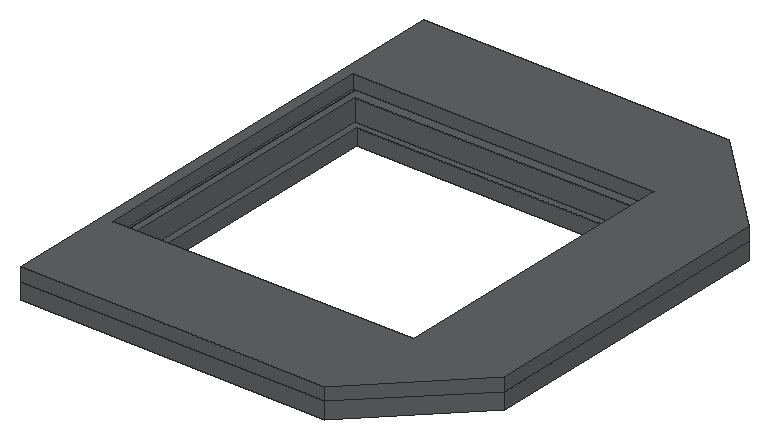
Revit family "Abdeckplatte für Universalträger UT3, Modul 45-Einbauöffnung", category Generic Models, Revit 2015
Parameters (values of type "UT34 P1")
  Width = 76 mm
  URL = "http://www.obo-bettermann.com"
  Material = OBO PA
  Manufacturer Art.No. = "7408771"
  Manufacturer = "OBO Bettermann"
  Length = 61 mm
  Height 1 = 2 mm
  Height = 4.5 mm
  GTIN = "4012196435357"
  Article Type = "UT34 P1"
Types (3, lengths in mm): name | Manufacturer Art.No. | Length | GTIN | Article Type
  (no name) | "7408771" | 61 | "4012196435357" | "UT34 P1"
  UT34 P1 | "7408771" | 61 | "4012196435357" | "UT34 P1"
  UT3 P1 | "7408751" | 82.5 | "4012196435319" | "UT3 P1"
Reference planes
  plane 1 "Center (Front/Back)": y = 0
  plane 2: z = 0
  plane 3 "Center (Left/Right)": x = 0
  plane 4: z = -2
  plane 5: z = -4.5
  plane 6: z = -5.25
  plane 7: z = -7.75
Forms (mm)
  Extrusion 1, solid, material "OBO PA" <- "Material"
    sketch origin (0, 0, 0) x (1, 0, 0) y (0, 1, 0)
      loop
        line (-19.75, 38) -> (-19.75, -38) -> (26.25, -38) -> (41.25, -23) -> (41.25, 23) -> (26.25, 38) -> (-19.75, 38)
    from 0 to -2
  Extrusion 2, solid, material "OBO PA" <- "Material"
    sketch origin (0, 0, 0) x (1, 0, 0) y (0, 1, 0)
      loop
        line (26.25, 38) -> (-19.75, 38) -> (-19.75, -38) -> (26.25, -38) -> (41.25, -23) -> (41.25, 23) -> (26.25, 38)
      loop
        line (-17.75, 36) -> (-17.75, -36) -> (25.422, -36) -> (39.25, -22.172) -> (39.25, 22.172) -> (25.422, 36) -> (-17.75, 36)
    from -2 to -4.5
  Extrusion 3, void
    sketch origin (0, 0, 0) x (1, 0, 0) y (0, 1, 0)
      loop
        line (-18.05, 22.65) -> (-18.05, -22.65) -> (27.25, -22.65) -> (27.25, 22.65) -> (-18.05, 22.65)
    from 0 to -2
  Extrusion 4, solid, material "OBO PA" <- "Material"
    sketch origin (0, 0, 0) x (1, 0, 0) y (0, 1, 0)
      loop
        line (27.25, 22.65) -> (-18.05, 22.65) -> (-18.05, -22.65) -> (27.25, -22.65) -> (27.25, 22.65)
      loop
        line (25.75, 21.15) -> (-16.55, 21.15) -> (-16.55, -21.15) -> (25.75, -21.15) -> (25.75, 21.15)
    from -2 to -5.25
  Extrusion 5, solid, material "OBO PA" <- "Material"
    sketch origin (0, 0, 0) x (1, 0, 0) y (0, 1, 0)
      loop
        line (-16.55, 21.15) -> (-16.55, -21.15) -> (25.75, -21.15) -> (25.75, 21.15) -> (-16.55, 21.15)
      loop
        line (-15.55, 20.15) -> (-15.55, -20.15) -> (24.75, -20.15) -> (24.75, 20.15) -> (-15.55, 20.15)
    from -5.25 to -7.75
Cuts and joins
  Extrusion 3 cuts Extrusion 1
Dimensions and locks
  "Height 1": level to plane 4
  "Height": level to plane 5
  locked: Extrusion 1 sketch curve to Extrusion 1 sketch curve at 15  (x2)
  "Width": Extrusion 1 sketch curve to Extrusion 1 sketch curve
  "Length": Extrusion 1 sketch curve to Extrusion 1 sketch curve
  equal spacing: Extrusion 1 sketch curve, plane 1 "Center (Front/Back)", Extrusion 1 sketch curve, locked at 38 each
  locked: plane 3 "Center (Left/Right)" to Extrusion 1 sketch curve at 41.25
  locked: Extrusion 3 sketch curve to Extrusion 3 sketch curve at 45.3  (x2)
  equal spacing: Extrusion 3 sketch curve, plane 1 "Center (Front/Back)", Extrusion 3 sketch curve, locked at 22.65 each
  locked: Extrusion 3 sketch curve to cut or joined group of Extrusion 1, Extrusion 3 at 14
  plane 3 "Center (Left/Right)" to Extrusion 4 = 18.05 mm
  locked: plane 5 to plane 6 at 0.75
  locked: Extrusion 5 sketch curve to Extrusion 5 sketch curve at 40.3  (x2)
  equal spacing: Extrusion 5 sketch curve, plane 1 "Center (Front/Back)", Extrusion 5 sketch curve, locked at 20.15 each
  locked: Extrusion 5 sketch curve to Extrusion 4 at 1
  locked: plane 6 to plane 7 at 2.5
  aligned and locked: level to plane 2
  aligned and locked: Extrusion 1 to level
  aligned and locked: plane 4 to Extrusion 1
  aligned and locked: Extrusion 2 sketch curve to Extrusion 1  (x6)
  aligned and locked: Extrusion 1 to Extrusion 2
  aligned and locked: Extrusion 2 to plane 5
  aligned and locked: Extrusion 3 to level
  aligned and locked: Extrusion 1 to Extrusion 3
  aligned and locked: Extrusion 4 sketch curve to cut or joined group of Extrusion 1, Extrusion 3  (x4)
  aligned and locked: plane 4 to Extrusion 4
  aligned and locked: Extrusion 4 to plane 6
  aligned and locked: Extrusion 5 sketch curve to Extrusion 4  (x4)
  aligned and locked: Extrusion 4 to Extrusion 5
  aligned and locked: Extrusion 5 to plane 7
Automatic sketch dimensions
  Extrusion 1 sketch curve to Extrusion 1 sketch curve = 15 mm  (x2)
  Extrusion 2 sketch curve to Extrusion 2 sketch curve = 2 mm  (x4)
  Extrusion 2 sketch curve to Extrusion 2 sketch curve = 0.828 mm  (x4)
  Extrusion 4 sketch curve to Extrusion 4 sketch curve = 1.5 mm  (x4)
